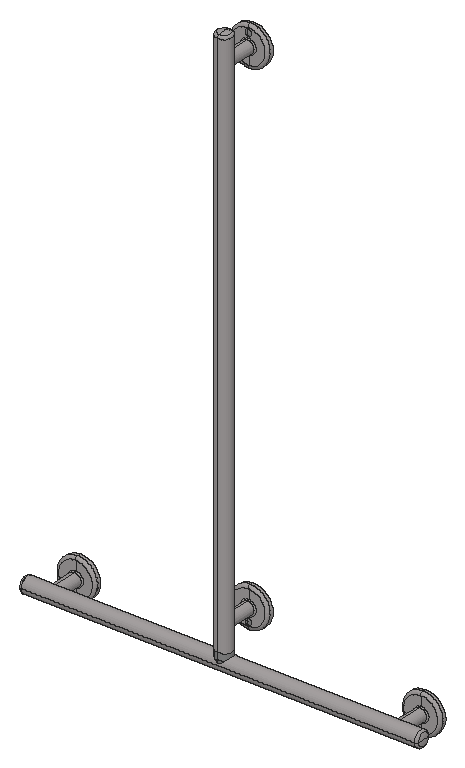
Revit family "Reece_Accessory_Mizu_Drift_Grab Rail_Handshower Grab Rail", category Plumbing Fixtures, Revit 2018
Family settings
  Round Connector Dimension = Use Diameter
  Part Type = Normal
  Work Plane-Based = Yes
  Always vertical = Yes
  Cut with Voids When Loaded = Yes
  Shared = Yes
  Room Calculation Point = Yes
Parameters (values of type "Brushed Gunmetal")
  URL = "https://www.reece.com.au/product/-2266564"
  Type Comments = "Accessory\r\n"
  Reece_Vertical Rail_Offset [instance] = 350 mm
  Reece_Product_Web Page = "https://www.reece.com.au/product/-2266564"
  Reece_Product_Type = "Accessory\r\n"  # constant formula
  Reece_Product_Sub Brand = "Drift"  # constant formula
  Reece_Product_Number = "2266564"
  Reece_Product_Mount = "Wall Mounted"  # constant formula
  Reece_Product_Description = "Mizu Drift Handshower Grab Rail 700 x 1100mm Brushed Gunmetal"
  Reece_Product_Brand = "Mizu"  # constant formula
  Reece_Overall_Width [instance] = 810 mm
  Reece_Material_Secondary = Reece_Plastic_ABS_Grey
  Reece_Material_Main = Reece_Brass_Brushed Gunmetal
  Reece_Installation_Minimum Depth [instance] = if(Reece_Height_From_Level < 40 mm, 40 mm, if(Reece_Height_From_Level > 40 mm, Reece_Height_From_Level, Reece_Height_From_Level))  # 900 mm
  Reece_Height_From_Level [instance] = 900 mm
  Reece_Fixing_Point_Width = 700 mm  # constant formula
  Reece_Detail_Disclaimer = "THIS FILE IS THE PROPERTY OF THE REECE GROUP. IT MAY NOT BE REPRODUCED, REVERSE-ENGINEERED, OR MODIFIED. ANY REPUBLICATION, TRANSMISSION, OR DISTRIBUTION FOR THE PURPOSE OF COMMERCIALLY EXPLOITING THE FILES IS PROHIBITED."  # constant formula
  Reece_Detail_Additional = "Handshower Grabrail\r\n"  # constant formula
  Reece_Accessory_Projection = 89.3 mm  # constant formula
  Model = "Drift"
  Manufacturer = "Mizu"
  Keynote = "Product #2266564, Reece_Accessory_Mizu_Drift_Grab Rail_Handshower Grab Rail - Brushed Gunmetal"
  Disclaimer = "THIS FILE IS THE PROPERTY OF THE REECE GROUP. IT MAY NOT BE REPRODUCED, REVERSE-ENGINEERED, OR MODIFIED. ANY REPUBLICATION, TRANSMISSION, OR DISTRIBUTION FOR THE PURPOSE OF COMMERCIALLY EXPLOITING THE FILES IS PROHIBITED."  # constant formula
  Description = "Mizu Drift Handshower Grab Rail 700 x 1100mm Brushed Gunmetal"
  Default Elevation = 0 mm
Types (5, lengths in mm): name | URL | Reece_Product_Web Page | Reece_Product_Number | Reece_Product_Description | Reece_Material_Secondary | Reece_Material_Main | Keynote | Description
  Brushed Brass | "https://www.reece.com.au/product/-2266714" | "https://www.reece.com.au/product/-2266714" | "2266714" | "Mizu Drift Handshower Grab Rail 700 x 1100mm Brushed Brass" | Reece_Plastic_ABS_Grey | Reece_Brass_Brushed | "Product #2266714, Reece_Accessory_Mizu_Drift_Grab Rail_Handshower Grab Rail - Brushed Brass" | "Mizu Drift Handshower Grab Rail 700 x 1100mm Brushed Brass"
  Brushed Gunmetal | "https://www.reece.com.au/product/-2266564" | "https://www.reece.com.au/product/-2266564" | "2266564" | "Mizu Drift Handshower Grab Rail 700 x 1100mm Brushed Gunmetal" | Reece_Plastic_ABS_Grey | Reece_Brass_Brushed Gunmetal | "Product #2266564, Reece_Accessory_Mizu_Drift_Grab Rail_Handshower Grab Rail - Brushed Gunmetal" | "Mizu Drift Handshower Grab Rail 700 x 1100mm Brushed Gunmetal"
  Brushed Stainless Steel | "https://www.reece.com.au/product/-2266561" | "https://www.reece.com.au/product/-2266561" | "2266561" | "Mizu Drift Handshower Grab Rail 700 x 1100mm Brushed Stainless Steel" | Reece_Plastic_ABS_Grey | Reece_Metal_Brushed Stainless Steel | "Product #2266561, Reece_Accessory_Mizu_Drift_Grab Rail_Handshower Grab Rail - Brushed Stainless Steel" | "Mizu Drift Handshower Grab Rail 700 x 1100mm Brushed Stainless Steel"
  Matte Black | "https://www.reece.com.au/product/-2266563" | "https://www.reece.com.au/product/-2266563" | "2266563" | "Mizu Drift Handshower Grab Rail 700 x 1100mm Matte Black" | Reece_Plastic_ABS_Matte Black | Reece_Brass_Matte Black | "Product #2266563, Reece_Accessory_Mizu_Drift_Grab Rail_Handshower Grab Rail - Matte Black" | "Mizu Drift Handshower Grab Rail 700 x 1100mm Matte Black"
  Polished Stainless Steel | "https://www.reece.com.au/product/-2266562" | "https://www.reece.com.au/product/-2266562" | "2266562" | "Mizu Drift Handshower Grab Rail 700 x1100mm Polished Stainless Steel" | Reece_Plastic_ABS_Grey | Reece_Metal_Stainless Steel_Polished | "Product #2266562, Reece_Accessory_Mizu_Drift_Grab Rail_Handshower Grab Rail - Polished Stainless Steel" | "Mizu Drift Handshower Grab Rail 700 x1100mm Polished Stainless Steel"
Reference planes
  plane 1 "Center (Front/Back)": y = 0
  plane 2 "Bottom Host Plane": z = -5
  plane 3 "Center (Left/Right)": x = 0
  plane 4 "Height From Level": z = 900
  plane 5: y = -89.3
  plane 6: x = -350
  plane 7: x = 350
  plane 8: x = -405
  plane 9: x = 405
Lines and regions (mm)
  model lines, style "InvisibleLines"
    curve 1: line (0, 0, 900) -> (0, 0, 0)
Text (mm)
  text "Reece ©" at (2578.004, -2205.621, 3233.188), in view "Reece Preview"
  text "Reece Copyright © 2018, Reece Ltd." at (-1410.457, -353.465, 0), in view "Ref. Level"
Dimensions and locks
  locked: plane 2 "Bottom Host Plane" to level at 5
  "Reece_Installation_Minimum Depth": plane 4 "Height From Level" to level
  "Reece_Accessory_Projection": plane 1 "Center (Front/Back)" to plane 5
  equal spacing: plane 6, plane 3 "Center (Left/Right)", plane 7
  plane 6 to plane 7 = 700 mm
  locked: plane 9 to plane 7 at 55
  locked: plane 8 to plane 6 at 55
  "Reece_Overall_Width": plane 8 to plane 9
  nested 1 to plane 6 = 350 mm
  plane 7 to nested 1 = 350 mm
  aligned and locked: plane 4 "Height From Level" to curve 1
  aligned and locked: level to curve 1
  aligned and locked: plane 1 "Center (Front/Back)" to nested 1
  aligned and locked: plane 3 "Center (Left/Right)" to nested 1
  aligned and locked: curve 1 to plane 3 "Center (Left/Right)"
Nested families
  nested 1: "Reece_Accessory_Mizu_Drift_Grab Rail_Handshower Grabrail_Nested" at (0, 0, 900), Reece_Fixing_Point_Width <- "Reece_Fixing_Point_Width", Reece_Material_Main <- "Reece_Material_Main", Reece_Vertical Rail_Offset <- "Reece_Vertical Rail_Offset", Reece_Material_Secondary <- "Reece_Material_Secondary", type "Reece_Accessory_Mizu_Drift_Grab Rail_Handshower Grabrail_Nested"
    with Reece_Vertical Rail_Offset 350 mm, Reece_Vertical Rail_Distance 350 mm, Reece_Material_Secondary Reece_Plastic_ABS_Grey, Reece_Material_Main Reece_Brass_Brushed Gunmetal, Reece_Fixing_Point_Width 700 mm
Definition of nested family "Reece_Accessory_Mizu_Drift_Grab Rail_Handshower Grabrail_Nested"
  Parameters (values of type "Reece_Accessory_Mizu_Drift_Grab Rail_Handshower Grabrail_Nested")
    Reece_Vertical Rail_Offset [instance] = 205 mm
    Reece_Vertical Rail_Distance [instance] = if(Reece_Vertical Rail_Offset < 205 mm, 205 mm, if(Reece_Vertical Rail_Offset > 495 mm, 495 mm, Reece_Vertical Rail_Offset))  # 205 mm
    Reece_Product_Web Page = ""
    Reece_Product_Type = ""
    Reece_Product_Sub Brand = ""
    Reece_Product_Number = ""
    Reece_Product_Mount = ""
    Reece_Product_Description = ""
    Reece_Product_Brand = ""
    Reece_Overall_Width [instance] = 810 mm
    Reece_Material_Secondary [instance] = none
    Reece_Material_Main [instance] = none
    Reece_Fixing_Point_Width [instance] = 700 mm  # constant formula
    Reece_Detail_Shape = ""
    Reece_Detail_Installation = ""
    Reece_Detail_Connector = ""
    Reece_Detail_Additional = ""
    Reece_Accessory_Projection = 89.3 mm  # constant formula
    Default Elevation = 0 mm
  Reference planes
    plane 1 "Center (Front/Back)": y = 0
    plane 2 "Bottom Host Plane": z = 0
    plane 3 "Center (Left/Right)": x = 0
    plane 4 "l": x = -350
    plane 5 "r": x = 350
    plane 6: y = -73.2
    plane 7: x = -405
    plane 8: x = 405
    plane 9: y = -57.3
    plane 10: z = 5
    plane 11: z = 23
    plane 12: z = 1090
    plane 13: z = 1145
    plane 14: z = 71
    plane 15 "Moving": x = -145
  Forms (mm)
    Revolve 1, solid, material <- "Reece_Material_Main"
      sketch origin (-350, 0, 0) x (0, 0, 1) y (0, -1, 0)
        loop
          line (0, 0) -> (40, 0) -> (40, 6.5)
          arc (40, 6.5) -> (38.389, 10.389) -> (34.5, 12) r 5.5
          line (34.5, 12) -> (15, 12) -> (12.5, 14.8) -> (12.5, 73.2) -> (0, 73.2) -> (0, 0)
        axis (0, 0) -> (0, 73.2)
      angle from 0 to 360
    Revolve 2, solid, material <- "Reece_Material_Main"
      sketch origin (350, 0, 0) x (0, 0, 1) y (0, -1, 0)
        loop
          line (0, 0) -> (40, 0) -> (40, 6.5)
          arc (40, 6.5) -> (38.389, 10.389) -> (34.5, 12) r 5.5
          line (34.5, 12) -> (15, 12) -> (12.5, 14.8) -> (12.5, 73.2) -> (0, 73.2) -> (0, 0)
        axis (0, 73.2) -> (0, 0)
      angle from 0 to 360
    Revolve 3, solid, material <- "Reece_Material_Main"
      sketch origin (0, 0, 0) x (1, 0, 0) y (0, 1, 0)
        loop
          line (-405, -73.2) -> (405, -73.2)
          arc (405, -73.2) -> (404.554, -66.98) -> (403.226, -60.888) r 43.6
          arc (403.226, -60.888) -> (401.424, -58.296) -> (398.429, -57.3) r 5
          line (398.429, -57.3) -> (-398.429, -57.3)
          arc (-398.429, -57.3) -> (-401.424, -58.296) -> (-403.226, -60.888) r 5
          arc (-403.226, -60.888) -> (-404.554, -66.98) -> (-405, -73.2) r 43.6
        axis (-405, -73.2) -> (405, -73.2)
      angle from 0 to 360
    Revolve 4, solid, material <- "Reece_Material_Secondary"
      sketch origin (-145, 0, 0) x (0, 0, 1) y (0, -1, 0)
        loop
          line (23, 73.2) -> (23, 89.1) -> (9.734, 89.1)
          arc (9.734, 89.1) -> (7.329, 88.885) -> (5, 88.247) r 13.57
          line (5, 88.247) -> (5, 73.2) -> (23, 73.2)
        axis (23, 73.2) -> (5, 73.2)
      angle from 0 to 360
    Revolve 5, void
      sketch origin (-145, 0, 0) x (0, 0, 1) y (0, -1, 0)
        loop
          line (23, 73.2) -> (23, 89.1) -> (9.734, 89.1)
          arc (9.734, 89.1) -> (4.45, 88.029) -> (0, 84.985) r 13.57
          line (0, 84.985) -> (0, 73.2) -> (23, 73.2)
        axis (23, 73.2) -> (0, 73.2)
      angle from 0 to 360
    Revolve 6, solid, material <- "Reece_Material_Main"
      sketch origin (-145, 0, 0) x (0, 0, 1) y (0, -1, 0)
        loop
          line (23, 73.2) -> (1145, 73.2)
          arc (1145, 73.2) -> (1144.555, 79.419) -> (1143.227, 85.511) r 43.635
          arc (1143.227, 85.511) -> (1141.426, 88.103) -> (1138.431, 89.1) r 5
          line (1138.431, 89.1) -> (23, 89.1) -> (23, 73.2)
        axis (23, 73.2) -> (1145, 73.2)
      angle from 0 to 360
    Revolve 7, solid, material <- "Reece_Material_Main"
      sketch origin (-145, 0, 0) x (0, 0, 1) y (0, -1, 0)
        loop
          line (71, 0) -> (111, 0) -> (111, 6.5)
          arc (111, 6.5) -> (109.389, 10.389) -> (105.5, 12) r 5.5
          line (105.5, 12) -> (86, 12) -> (83.5, 14.8) -> (83.5, 73.2) -> (71, 73.2) -> (71, 0)
        axis (71, 0) -> (71, 73.2)
      angle from 0 to 360
    Revolve 8, solid, material <- "Reece_Material_Main"
      sketch origin (-145, 0, 0) x (0, 0, 1) y (0, -1, 0)
        loop
          line (1090, 0) -> (1130, 0) -> (1130, 6.5)
          arc (1130, 6.5) -> (1128.389, 10.389) -> (1124.5, 12) r 5.5
          line (1124.5, 12) -> (1105, 12) -> (1102.5, 14.8) -> (1102.5, 73.2) -> (1090, 73.2) -> (1090, 0)
        axis (1090, 0) -> (1090, 73.2)
      angle from 0 to 360
    Revolve 9, solid, material <- "Reece_Material_Secondary"
      sketch origin (-145, 0, 0) x (0, 0, 1) y (0, -1, 0)
        loop
          line (46, 12) -> (46, 13.252)
          arc (46, 13.252) -> (42.935, 12.936) -> (40, 12) r 14.998
          line (40, 12) -> (46, 12)
        axis (46, 13.252) -> (46, 12)
      angle from 0 to 360
    Revolve 10, solid, material <- "Reece_Material_Secondary"
      sketch origin (-145, 0, 0) x (0, 0, 1) y (0, -1, 0)
        loop
          line (1115, 12) -> (1121, 12)
          arc (1121, 12) -> (1118.065, 12.936) -> (1115, 13.252) r 14.998
          line (1115, 13.252) -> (1115, 12)
        axis (1115, 13.252) -> (1115, 12)
      angle from 0 to 360
  Cuts and joins
    Revolve 5 cuts Revolve 3
    joined: Revolve 1, Revolve 2, Revolve 3, Revolve 6, Revolve 7, Revolve 8
  Text (mm)
    text "Reece ©" at (2801.842, -2385.211, 2829.759), in view "Reece Preview"
    text "Reece Copyright © 2018, Reece Ltd." at (-780.171, -113.102, 0), in view "Ref. Level"
  Dimensions and locks
    equal spacing: plane 5 "r", plane 3 "Center (Left/Right)", plane 4 "l"
    "Reece_Fixing_Point_Width": plane 5 "r" to plane 4 "l"
    locked: plane 7 to plane 4 "l" at 55
    locked: plane 5 "r" to plane 8 at 55
    "Reece_Overall_Width": plane 7 to plane 8
    Revolve 3 sketch curve to Revolve 3 sketch curve = 15.9 mm
    plane 7 to Revolve 3 sketch curve to Revolve 3 sketch curve = 1.774 mm locked, 4.797 mm locked
    Revolve 3 sketch curve to Revolve 3 sketch curve to plane 8 = 4.797 mm locked, 1.774 mm locked
    plane 1 "Center (Front/Back)" to plane 9 = 57.3 mm
    locked: plane 6 to plane 9 at 15.9
    plane 10 to level = 5 mm
    plane 11 to level = 23 mm
    plane 13 to plane 12 to level = 55 mm locked, 1090 mm locked
    "Reece_Vertical Rail_Distance": plane 15 "Moving" to plane 4 "l"
    aligned and locked: level to Revolve 1 sketch curve
    aligned and locked: Revolve 2 sketch curve to level
    aligned and locked: Revolve 3 sketch curve to plane 6
    aligned and locked: plane 7 to Revolve 3 sketch curve
    aligned and locked: plane 8 to Revolve 3 sketch curve
    aligned and locked: Revolve 1 sketch curve to plane 6
    aligned and locked: plane 6 to Revolve 2 sketch curve
    aligned and locked: plane 6 to Revolve 4 sketch curve
    aligned and locked: Revolve 6 sketch curve to plane 6
    aligned and locked: Revolve 6 sketch curve to plane 11
  Automatic sketch dimensions
    Revolve 1 sketch curve to level = 0 mm
    Revolve 1 sketch curve to plane 1 "Center (Front/Back)" = 0 mm
    plane 10 to Revolve 1 sketch curve = 7.5 mm
    Revolve 1 sketch curve to Revolve 1 sketch curve = 2.5 mm
    plane 11 to Revolve 1 sketch curve = 11.5 mm
    Revolve 1 sketch curve to Revolve 1 sketch curve = 5.5 mm
    plane 1 "Center (Front/Back)" to Revolve 1 sketch curve = 6.5 mm
    Revolve 1 sketch curve to Revolve 1 sketch curve = 2.8 mm
    Revolve 1 sketch curve to plane 1 "Center (Front/Back)" = 255.099 mm
    Revolve 1 sketch curve to Revolve 1 sketch curve = 745.28 mm
    Revolve 2 sketch curve to level = 0 mm
    Revolve 2 sketch curve to plane 1 "Center (Front/Back)" = 0 mm
    plane 10 to Revolve 2 sketch curve = 7.5 mm
    Revolve 2 sketch curve to Revolve 2 sketch curve = 2.5 mm
    plane 11 to Revolve 2 sketch curve = 11.5 mm
    Revolve 2 sketch curve to Revolve 2 sketch curve = 5.5 mm
    plane 1 "Center (Front/Back)" to Revolve 2 sketch curve = 6.5 mm
    Revolve 2 sketch curve to Revolve 2 sketch curve = 2.8 mm
    Revolve 2 sketch curve to plane 1 "Center (Front/Back)" = 153.092 mm
    Revolve 2 sketch curve to Revolve 2 sketch curve = 141.833 mm
    Revolve 3 sketch curve to plane 6 = 0 mm
    Revolve 3 sketch curve to plane 4 "l" = 11.4 mm
    plane 5 "r" to Revolve 3 sketch curve = 11.4 mm
    Revolve 3 sketch curve to plane 7 = 94.625 mm
    Revolve 3 sketch curve to plane 8 = 315.375 mm
    Revolve 6 sketch curve to plane 6 = 0 mm
    Revolve 6 sketch curve to plane 13 = 0 mm
    plane 12 to Revolve 6 sketch curve = 11.365 mm
    Revolve 6 sketch curve to plane 13 = 6.569 mm
    plane 6 to Revolve 6 sketch curve = 10.9 mm
    plane 6 to Revolve 6 sketch curve = 15.9 mm
    Revolve 6 sketch curve to level = 111.101 mm
    plane 14 to Revolve 6 sketch curve = 92.899 mm
    plane 14 to Revolve 7 sketch curve = 0 mm
    Revolve 7 sketch curve to plane 1 "Center (Front/Back)" = 0 mm
    Revolve 7 sketch curve to plane 14 = 0 mm
    Revolve 7 sketch curve to plane 6 = 0 mm
    Revolve 7 sketch curve to Revolve 7 sketch curve = 12.5 mm
    Revolve 7 sketch curve to Revolve 7 sketch curve = 2.5 mm
    Revolve 7 sketch curve to Revolve 7 sketch curve = 19.5 mm
    Revolve 7 sketch curve to Revolve 7 sketch curve = 5.5 mm
    Revolve 7 sketch curve to Revolve 7 sketch curve = 6.5 mm
    Revolve 7 sketch curve to Revolve 7 sketch curve = 2.8 mm
    Revolve 7 sketch curve to plane 1 "Center (Front/Back)" = 255.099 mm
    Revolve 7 sketch curve to Revolve 7 sketch curve = 745.28 mm
    Revolve 8 sketch curve to plane 12 = 0 mm  (x2)
    Revolve 8 sketch curve to plane 1 "Center (Front/Back)" = 0 mm
    Revolve 8 sketch curve to plane 6 = 0 mm
    Revolve 8 sketch curve to Revolve 8 sketch curve = 12.5 mm
    Revolve 8 sketch curve to Revolve 8 sketch curve = 2.5 mm
    Revolve 8 sketch curve to Revolve 8 sketch curve = 19.5 mm
    Revolve 8 sketch curve to Revolve 8 sketch curve = 5.5 mm
    Revolve 8 sketch curve to Revolve 8 sketch curve = 6.5 mm
    Revolve 8 sketch curve to Revolve 8 sketch curve = 2.8 mm
    Revolve 8 sketch curve to plane 1 "Center (Front/Back)" = 255.099 mm
    plane 6 to Revolve 8 sketch curve = 745.28 mm
    plane 1 "Center (Front/Back)" to Revolve 10 sketch curve = 12 mm
    plane 12 to Revolve 10 sketch curve = 25 mm
    Revolve 10 sketch curve to Revolve 10 sketch curve = 6 mm
    Revolve 10 sketch curve to plane 1 "Center (Front/Back)" = 1.745 mm
    Revolve 10 sketch curve to Revolve 10 sketch curve = 0 mm  (x2)
    Revolve 10 sketch curve to Revolve 10 sketch curve = 6.255 mm
    plane 11 to Revolve 9 sketch curve = 17 mm
    Revolve 9 sketch curve to Revolve 9 sketch curve = 6 mm
    Revolve 9 sketch curve to plane 1 "Center (Front/Back)" = 1.745 mm
    plane 1 "Center (Front/Back)" to Revolve 9 sketch curve = 12 mm
    Revolve 9 sketch curve to Revolve 9 sketch curve = 0 mm  (x2)
    Revolve 9 sketch curve to Revolve 9 sketch curve = 6.255 mm
    Revolve 4 sketch curve to plane 10 = 0 mm
    Revolve 4 sketch curve to plane 6 = 0 mm
    Revolve 4 sketch curve to plane 11 = 0 mm
    plane 10 to Revolve 4 sketch curve = 4.734 mm
    plane 6 to Revolve 4 sketch curve = 2.33 mm
    Revolve 4 sketch curve to Revolve 4 sketch curve = 12.717 mm
    Revolve 4 sketch curve to level = 45 mm
    Revolve 4 sketch curve to Revolve 4 sketch curve = 35 mm
    Revolve 5 sketch curve to plane 6 = 0 mm  (x2)
    Revolve 5 sketch curve to level = 0 mm
    Revolve 5 sketch curve to plane 11 = 0 mm
    plane 10 to Revolve 5 sketch curve = 4.734 mm
    plane 6 to Revolve 5 sketch curve = 2.33 mm
    Revolve 5 sketch curve to Revolve 5 sketch curve = 11.785 mm
    Revolve 5 sketch curve to level = 45 mm
    Revolve 5 sketch curve to Revolve 5 sketch curve = 35 mm
